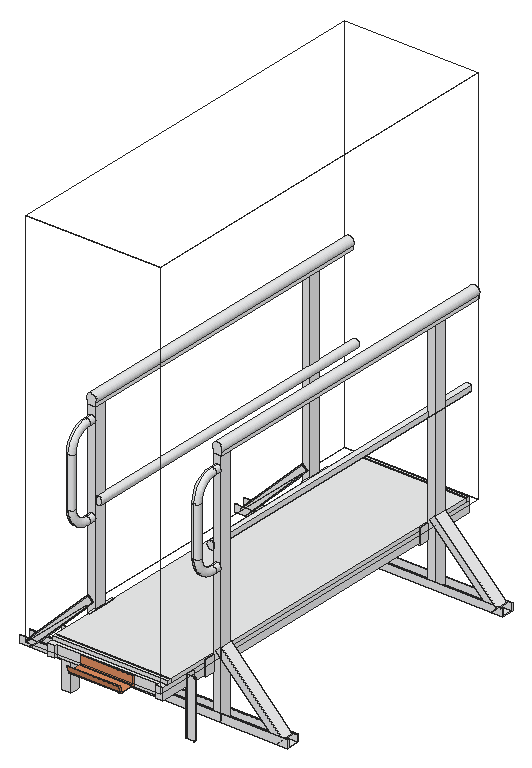
Revit family "Dock_Ladder_Kattsafe_Gutter", category Specialty Equipment, Revit 2025
Family settings
  Round Connector Dimension = Use Diameter
  Part Type = Normal
  OmniClass Number = 23.17.23.15
  Work Plane-Based = Yes
  Enable Cutting in Views = No
  Always vertical = Yes
  Cut with Voids When Loaded = No
  Maintain Annotation Orientation = No
  Shared = No
  Room Calculation Point = No
Parameters (values of type "RL453")
  Uniclass2015Version = "Products v1.35"
  Uniclass2015Title = "Access ladders"
  Uniclass2015Code = "Pr_25_30_85_02"
  URL = "https://kattsafe.com.au/"
  Type IFC Predefined Type = "USERDEFINED"
  Type Comments = "Dock - Gutter - Ladder"
  RequiredSpace [instance] = yes
  ModifiedIssue = 20250224
  Model = "RL453"
  Material [instance] = Aluminum_Kattsafe_Satin
  ManufacturerURLProductSpecific = "https://kattsafe.com.au/products/rung-ladders/ladder-docks/ladder-dock-gutter-mount-RL453"
  ManufacturerSpecCode = Model  # "RL453"
  ManufacturerOverallWidth = 1400 mm
  ManufacturerOverallHeight [instance] = 1300 mm
  ManufacturerOverallDepth = 2080 mm  # constant formula
  Manufacturer = "Kattsafe®"  # constant formula
  IfcExportType = "USERDEFINED"
  IfcExportAs = "IfcBuildingElementProxy"
  Export Type to IFC As = "IfcBuildingElementProxy"
  ElementType = "Ladder"
  Description = "The RL453 - gutter mount - ladder dock provides a secure attachment point for portable ladders used by maintenance personnel when accessing elevated areas."
  Default Elevation = 1219.2 mm
  CreatedByURL = "https://igsgroup.com.au"
  CreatedBy = "IGS BIM Solutions"  # constant formula
  Assembly Code = "E1090100"
Reference planes
  plane 1 "Ref. Level": z = 0
  plane 2 "Center (Left/Right)": x = 0
  plane 3 "Back": y = 2178.5
  plane 4 "Right": x = 700
  plane 5 "Left": x = -700
  plane 6 "Bottom": z = 0
  plane 7 "Top": z = 1300
  plane 8 "MidRailTop": z = 828
  plane 9 "PlatformTop": z = 300
  plane 10 "PlatformRight": x = 300
  plane 11 "PlatformLeft": x = -300
  plane 12 "FrontSupport": y = 528.5
  plane 13 "BackSupport": y = 1928.5
  plane 14 "PlatformHandrailSupportTop": z = 1243
  plane 15 "PlatformSupportTop": z = 281.5
  plane 16 "PlatformRightInternal": x = 262
  plane 17 "PlatformLeftInternal": x = -262
  plane 18 "MidRailBottom": z = 788
  plane 19 "PlatformHandrailSupportTopRef": z = 1243
  plane 20 "FrontReference": y = 98.5
  plane 21 "Front": y = 98.5
  plane 22 "WallPlacement": y = 328.5
  plane 23 "GrabrailLeftCentre": x = -328.5
  plane 24 "GrabrailRightCentre": x = 328.5
  plane 25 "Center (Front/Back)": y = 1138.5
  plane 26 "RequiredSpaceLeft": x = -350.5
  plane 27 "RequiredSpaceRight": x = 350.5
Forms (mm)
  Extrusion 1, solid, material "Aluminum_Kattsafe_Mesh_Walkway"
    sketch origin (0, 0, 300) x (0, -1, 0) y (1, 0, 0)
      loop
        line (-2160, -300) -> (-230, -300) -> (-230, 300) -> (-2160, 300) -> (-2160, -300)
    from 0 to -18.5
  Extrusion 2, solid, material "Aluminum_Kattsafe_Satin" <- "Material", detail levels medium+fine
    sketch origin (0, 0, 0) x (0, 1, 0) y (0, 0, 1)
      loop
        line (1149.5, 243.5) -> (1207.5, 243.5) -> (1207.5, 281.5) -> (1149.5, 281.5) -> (1149.5, 243.5)
    from -262 to 262
  Extrusion 3, solid, material "Aluminum_Kattsafe_Satin" <- "Material", detail levels medium+fine
    sketch origin (0, 0, 0) x (0, 1, 0) y (0, 0, 1)
      loop
        line (1631.5, 243.5) -> (1689.5, 243.5) -> (1689.5, 281.5) -> (1631.5, 281.5) -> (1631.5, 243.5)
    from -262 to 262
  Extrusion 4, solid, material "Aluminum_Kattsafe_Satin" <- "Material"
    sketch origin (-9.5, 1452.607, -316.555) x (0, 1, 0) y (-1, 0, 0)
      loop
        line (-895.107, 338) -> (-953.107, 338) -> (-953.107, 300) -> (-895.107, 300) -> (-895.107, 338)
    from 1559.555 to 319.555
  Extrusion 5, solid, material "Aluminum_Kattsafe_Satin" <- "Material"
    sketch origin (-9.5, 2991.107, -316.555) x (0, 1, 0) y (-1, 0, 0)
      loop
        line (-1033.607, 338) -> (-1091.607, 338) -> (-1091.607, 300) -> (-1033.607, 300) -> (-1033.607, 338)
    from 1559.555 to 319.555
  Extrusion 6, solid, material "Aluminum_Kattsafe_Satin" <- "Material"
    sketch origin (9.5, 2991.107, -316.555) x (0, 1, 0) y (-1, 0, 0)
      loop
        line (-1033.607, -300) -> (-1091.607, -300) -> (-1091.607, -338) -> (-1033.607, -338) -> (-1033.607, -300)
    from 1559.555 to 319.555
  Extrusion 7, solid, material "Aluminum_Kattsafe_Satin" <- "Material"
    sketch origin (9.5, 1452.607, -316.555) x (0, 1, 0) y (-1, 0, 0)
      loop
        line (-895.107, -300) -> (-953.107, -300) -> (-953.107, -338) -> (-895.107, -338) -> (-895.107, -300)
    from 1559.555 to 319.555
  Extrusion 8, solid, material "Aluminum_Kattsafe_Satin" <- "Material", detail levels medium+fine
    sketch origin (-300, 0, 0) x (0, 1, 0) y (0, 0, 1)
      loop
        line (608.5, 300) -> (448.5, 300) -> (448.5, 220) -> (608.5, 220) -> (608.5, 300)
    from 0 to -9.5
  Extrusion 9, solid, material "Aluminum_Kattsafe_Satin" <- "Material", detail levels medium+fine
    sketch origin (-300, 0, 0) x (0, 1, 0) y (0, 0, 1)
      loop
        line (2008.5, 300) -> (1848.5, 300) -> (1848.5, 220) -> (2008.5, 220) -> (2008.5, 300)
    from 0 to -9.5
  Extrusion 10, solid, material "Aluminum_Kattsafe_Satin" <- "Material", detail levels medium+fine
    sketch origin (300, 0, 0) x (0, 1, 0) y (0, 0, -1)
      loop
        line (608.5, -300) -> (608.5, -220) -> (448.5, -220) -> (448.5, -300) -> (608.5, -300)
    from 0 to -9.5
  Extrusion 11, solid, material "Aluminum_Kattsafe_Satin" <- "Material", detail levels medium+fine
    sketch origin (300, 0, 0) x (0, 1, 0) y (0, 0, -1)
      loop
        line (2008.5, -300) -> (2008.5, -220) -> (1848.5, -220) -> (1848.5, -300) -> (2008.5, -300)
    from 0 to -9.5
  Sweep 12, solid, material "Aluminum_Kattsafe_Satin" <- "Material"
    path in 3D
      loop
        line (-347.5, 1928.5, 350.5) -> (-670, 1928.5, 28)
    profile origin (-508.75, 1928.5, 189.25) x (0.707107, 0, -0.707107) y (0, -1, 0)
      loop
        line (3, -29) -> (3, 29) -> (38, 29) -> (38, 32) -> (0, 32) -> (0, -32) -> (38, -32) -> (38, -29) -> (3, -29)
  Sweep 13, solid, material "Aluminum_Kattsafe_Satin" <- "Material"
    path in 3D
      loop
        line (347.5, 1928.5, 350.5) -> (670, 1928.5, 28)
    profile origin (508.75, 1928.5, 189.25) x (0.707107, 0, 0.707107) y (0, -1, 0)
      loop
        line (-3, -29) -> (-38, -29) -> (-38, -32) -> (0, -32) -> (0, 32) -> (-38, 32) -> (-38, 29) -> (-3, 29) -> (-3, -29)
  Sweep 14, solid, material "Aluminum_Kattsafe_Satin" <- "Material"
    path in 3D
      loop
        line (-347.5, 528.5, 350.5) -> (-670, 528.5, 28)
    profile origin (-508.75, 528.5, 189.25) x (0.707107, 0, -0.707107) y (0, -1, 0)
      loop
        line (3, -29) -> (3, 29) -> (38, 29) -> (38, 32) -> (0, 32) -> (0, -32) -> (38, -32) -> (38, -29) -> (3, -29)
  Sweep 15, solid, material "Aluminum_Kattsafe_Satin" <- "Material"
    path in 3D
      loop
        line (347.5, 528.5, 350.5) -> (670, 528.5, 28)
    profile origin (508.75, 528.5, 189.25) x (0.707107, 0, 0.707107) y (0, -1, 0)
      loop
        line (-3, -29) -> (-38, -29) -> (-38, -32) -> (0, -32) -> (0, 32) -> (-38, 32) -> (-38, 29) -> (-3, 29) -> (-3, -29)
  Extrusion 16, solid, material "Aluminum_Kattsafe_Satin" <- "Material"
    sketch origin (0, 0, 0) x (0, 1, 0) y (0, 0, 1)
      loop
        line (1958, 38) -> (1958, 3) -> (1899, 3) -> (1899, 38) -> (1896, 38) -> (1896, 0) -> (1961, 0) -> (1961, 38) -> (1958, 38)
    from -700 to 700
  Extrusion 17, solid, material "Aluminum_Kattsafe_Satin" <- "Material"
    sketch origin (0, 0, 0) x (0, 1, 0) y (0, 0, 1)
      loop
        line (561, 38) -> (558, 38) -> (558, 3) -> (499, 3) -> (499, 38) -> (496, 38) -> (496, 0) -> (561, 0) -> (561, 38)
    from -700 to 700
  Extrusion 18, solid, material "Aluminum_Kattsafe_Satin" <- "Material"
    sketch origin (0, 1178.5, 0) x (1, 0, 0) y (0, 0, 1)
      loop
        arc (-309.5, 794.75) -> (-274.519, 808) -> (-309.5, 821.25) r 20
        line (-309.5, 821.25) -> (-309.5, 794.75)
    from -1000 to 679
  Extrusion 19, solid, material "Aluminum_Kattsafe_Satin" <- "Material"
    sketch origin (0, 1178.5, 0) x (-1, 0, 0) y (0, 0, -1)
      loop
        line (-309.5, -794.75) -> (-309.5, -821.25)
        arc (-309.5, -821.25) -> (-274.519, -808) -> (-309.5, -794.75) r 20
    from -1000 to 679
  Extrusion 20, solid, material "Aluminum_Kattsafe_Satin" <- "Material"
    sketch origin (0, 1178.5, 0) x (-1, 0, 0) y (0, 0, -1)
      loop
        line (-307.5, -1261.435) -> (-307.5, -1243) -> (-349.5, -1243) -> (-349.5, -1261.435)
        arc (-349.5, -1261.435) -> (-328.5, -1300) -> (-307.5, -1261.435) r 25
    from -1000 to 680
  Extrusion 21, solid, material "Aluminum_Kattsafe_Satin" <- "Material"
    sketch origin (0, 1178.5, 0) x (1, 0, 0) y (0, 0, 1)
      loop
        arc (-307.5, 1261.435) -> (-328.5, 1300) -> (-349.5, 1261.435) r 25
        line (-349.5, 1261.435) -> (-349.5, 1243) -> (-307.5, 1243) -> (-307.5, 1261.435)
    from -1000 to 680
  Extrusion 22, solid, material "Aluminum_Kattsafe_Satin"
    sketch origin (0, 0, 281.5) x (0, -1, 0) y (1, 0, 0)
      loop
        line (-2178.5, -300) -> (-176.5, -300) -> (-176.5, -262) -> (-189.5, -262) -> (-189.5, 262) -> (-176.5, 262) -> (-176.5, 300) -> (-2178.5, 300) -> (-2178.5, -300)
      loop
        line (-2140.5, -262) -> (-227.5, -262) -> (-227.5, 262) -> (-2140.5, 262) -> (-2140.5, -262)
    from 0 to -57.262
  Sweep 23, solid, material "Aluminum_Kattsafe_Satin" <- "Material"
    path origin (-328.5, 0, 0) x (0, 1, 0) y (0, 0, 1)
      loop
        line (499.5, 1179) -> (464.5, 1179)
        arc (464.5, 1179) -> (393.789, 1149.711) -> (364.5, 1079) r 100
        line (364.5, 1079) -> (364.5, 819)
        arc (364.5, 819) -> (393.789, 748.289) -> (464.5, 719) r 100
        line (464.5, 719) -> (499.5, 719)
    profile origin (-328.5, 482, 1179) x (0, 0, -1) y (1, 0, 0)
      loop
        circle (0, 0) r 19
  Sweep 24, solid, material "Aluminum_Kattsafe_Satin" <- "Material"
    path origin (328.5, 0, 0) x (0, 1, 0) y (0, 0, 1)
      loop
        line (499.5, 1179) -> (464.5, 1179)
        arc (464.5, 1179) -> (393.789, 1149.711) -> (364.5, 1079) r 100
        line (364.5, 1079) -> (364.5, 819)
        arc (364.5, 819) -> (393.789, 748.289) -> (464.5, 719) r 100
        line (464.5, 719) -> (499.5, 719)
    profile origin (328.5, 482, 1179) x (0, 0, 1) y (-1, 0, 0)
      loop
        circle (0, 0) r 19
  Extrusion 25, solid, material "Aluminum_Kattsafe_Satin" <- "Material", detail levels medium+fine
    sketch origin (300, 0, 0) x (0, 1, 0) y (0, 0, -1)
      loop
        line (328.5, 20.019) -> (328.5, -279.981) -> (368.5, -279.981)
        arc (368.5, -279.981) -> (375.571, -277.052) -> (378.5, -269.981) r 10
        line (378.5, -269.981) -> (378.5, 10.019)
        arc (378.5, 10.019) -> (375.571, 17.09) -> (368.5, 20.019) r 10
        line (368.5, 20.019) -> (328.5, 20.019)
    from 0 to -3
  Extrusion 26, solid, material "Aluminum_Kattsafe_Satin" <- "Material", detail levels medium+fine
    sketch origin (0, 328.5, 0) x (1, 0, 0) y (0, 0, 1)
      loop
        line (300, -20.019) -> (340, -20.019)
        arc (340, -20.019) -> (347.071, -17.09) -> (350, -10.019) r 10
        line (350, -10.019) -> (350, 269.981)
        arc (350, 269.981) -> (347.071, 277.052) -> (340, 279.981) r 10
        line (340, 279.981) -> (300, 279.981) -> (300, -20.019)
    from 0 to -3
  Extrusion 27, solid, material "Steel_PowderCoat_Kattsafe_Orange", detail levels medium+fine
    sketch origin (0, 0, 0) x (0, 1, 0) y (0, 0, 1)
      loop
        line (187.5, 278.6) -> (187.5, 233.5)
        arc (187.5, 233.5) -> (186.914, 232.086) -> (185.5, 231.5) r 2
        line (185.5, 231.5) -> (112.451, 231.5)
        arc (112.451, 231.5) -> (111.304, 231.862) -> (110.571, 232.816) r 2
        line (110.571, 232.816) -> (97.575, 268.523) -> (95.696, 267.839) -> (108.692, 232.132)
        arc (108.692, 232.132) -> (110.157, 230.223) -> (112.451, 229.5) r 4
        line (112.451, 229.5) -> (185.5, 229.5)
        arc (185.5, 229.5) -> (188.328, 230.672) -> (189.5, 233.5) r 4
        line (189.5, 233.5) -> (189.5, 278.6) -> (187.5, 278.6)
    from -137.5 to 137.5
  Extrusion 28, solid, material "Aluminum_Kattsafe_Satin" <- "Material", detail levels medium+fine
    sketch origin (-300, 0, 0) x (0, 1, 0) y (0, 0, 1)
      loop
        line (328.5, -20.019) -> (368.5, -20.019)
        arc (368.5, -20.019) -> (375.571, -17.09) -> (378.5, -10.019) r 10
        line (378.5, -10.019) -> (378.5, 269.981)
        arc (378.5, 269.981) -> (375.571, 277.052) -> (368.5, 279.981) r 10
        line (368.5, 279.981) -> (328.5, 279.981) -> (328.5, -20.019)
    from 0 to -3
  Extrusion 29, solid, material "Aluminum_Kattsafe_Satin" <- "Material", detail levels medium+fine
    sketch origin (0, 328.5, 0) x (-1, 0, 0) y (0, 0, -1)
      loop
        line (300, 20.019) -> (300, -279.981) -> (340, -279.981)
        arc (340, -279.981) -> (347.071, -277.052) -> (350, -269.981) r 10
        line (350, -269.981) -> (350, 10.019)
        arc (350, 10.019) -> (347.071, 17.09) -> (340, 20.019) r 10
        line (340, 20.019) -> (300, 20.019)
    from 0 to -3
  Extrusion 30, solid, material "Aluminum_Kattsafe_Satin" <- "Material"
    sketch origin (0, -2, 0) x (0, 1, 0) y (0, 0, 1)
      loop
        line (232, 300) -> (213.5, 300) -> (213.5, 281.5) -> (232, 281.5) -> (232, 300)
      loop
        line (2180.5, 300) -> (2162, 300) -> (2162, 281.5) -> (2180.5, 281.5) -> (2180.5, 300)
    from -300 to 300
  Extrusion 31, solid, material "Aluminum_Kattsafe_Satin" <- "Material", detail levels medium+fine
    sketch origin (0, 2357, 0) x (0, -1, 0) y (0, 0, -1)
      loop
        line (1631.5, -243.5) -> (1631.5, -281.5) -> (1689.5, -281.5) -> (1689.5, -243.5) -> (1631.5, -243.5)
    from -262 to 262
  Extrusion 32, solid, material "RequiredSpace_Kattsafe", visible <- "RequiredSpace"
    sketch origin (0, 0, 0) x (0, 1, 0) y (0, 0, 1)
      loop
        line (98.5, 300) -> (2178.5, 300) -> (2178.5, 2300) -> (98.5, 2300) -> (98.5, 300)
    from -350.5 to 350.5
Cuts and joins
  joined: Extrusion 25, Extrusion 26
  joined: Extrusion 28, Extrusion 29
Lines and regions (mm)
  Masking region 1
    outline origin (0, 0, 281.5) x (0, -1, 0) y (1, 0, 0)
      loop
        line (-498.5, -347.5) -> (-364.5, -347.5)
        arc (-364.5, -347.5) -> (-345.5, -328.5) -> (-364.5, -309.5) r 19
        line (-364.5, -309.5) -> (-498.5, -309.5) -> (-498.5, -347.5)
  Masking region 2
    outline origin (0, 0, 281.5) x (0, 1, 0) y (-1, 0, 0)
      loop
        line (498.5, -347.5) -> (498.5, -309.5) -> (364.5, -309.5)
        arc (364.5, -309.5) -> (345.5, -328.5) -> (364.5, -347.5) r 19
        line (364.5, -347.5) -> (498.5, -347.5)
  Masking region 3
    outline origin (0, 0, 281.5) x (0, -1, 0) y (1, 0, 0)
      loop
        line (-189.5, -137.5) -> (-95.696, -137.5) -> (-95.696, 137.5) -> (-189.5, 137.5) -> (-189.5, -137.5)
  Masking region 4
    outline origin (0, 0, 281.5) x (0, -1, 0) y (1, 0, 0)
      loop
        line (-2178.5, -353.5) -> (-1961, -353.5) -> (-1961, -700) -> (-1896, -700) -> (-1896, -353.5) -> (-561, -353.5) -> (-561, -700) -> (-496, -700) -> (-496, -347.5) -> (-364.5, -347.5)
        arc (-364.5, -347.5) -> (-345.5, -328.5) -> (-364.5, -309.5) r 19
        line (-364.5, -309.5) -> (-448.5, -309.5) -> (-448.5, -300) -> (-176.5, -300) -> (-176.5, -262) -> (-189.5, -262) -> (-189.5, -137.5) -> (-98.5, -137.5) -> (-98.5, 137.5) -> (-189.5, 137.5) -> (-189.5, 262) -> (-176.5, 262) -> (-176.5, 300) -> (-448.5, 300) -> (-448.5, 309.5) -> (-364.5, 309.5)
        arc (-364.5, 309.5) -> (-345.5, 328.5) -> (-364.5, 347.5) r 19
        line (-364.5, 347.5) -> (-496, 347.5) -> (-496, 700) -> (-561, 700) -> (-561, 353.5) -> (-1896, 353.5) -> (-1896, 700) -> (-1961, 700) -> (-1961, 353.5) -> (-2178.5, 353.5) -> (-2178.5, -353.5)
  reference lines
    curve 1: line (-347.5, 1928.5, 350.5) -> (-670, 1928.5, 28)
    curve 2: line (347.5, 1928.5, 350.5) -> (670, 1928.5, 28)
    curve 3: line (-347.5, 528.5, 350.5) -> (-670, 528.5, 28)
    curve 4: line (347.5, 528.5, 350.5) -> (670, 528.5, 28)
  sketch lines
    curve 5: line (347.5, 1928.5, 350.5) -> (670, 1928.5, 28)
    curve 6: line (-347.5, 1928.5, 350.5) -> (-670, 1928.5, 28)
    curve 7: line (347.5, 528.5, 350.5) -> (670, 528.5, 28)
    curve 8: line (-347.5, 528.5, 350.5) -> (-670, 528.5, 28)
  symbolic lines, style "Required Space", visible <- "RequiredSpace"
    curve 9: line (0, 2178.5, 2300) -> (0, 98.5, 2300)
    curve 10: line (0, 98.5, 300) -> (0, 2178.5, 300)
    curve 11: line (0, 98.5, 2300) -> (0, 98.5, 300)
    curve 12: line (0, 2178.5, 2300) -> (0, 2178.5, 300)
    curve 13: line (-350.5, 2178.5, 281.5) -> (350.5, 2178.5, 281.5)
    curve 14: line (-350.5, 98.5, 281.5) -> (-350.5, 2178.5, 281.5)
    curve 15: line (350.5, 98.5, 281.5) -> (-350.5, 98.5, 281.5)
    curve 16: line (350.5, 2178.5, 281.5) -> (350.5, 98.5, 281.5)
  symbolic lines, style "Ladder", detail levels medium+fine
    curve 17: line (-303.5, 2178.5, 281.5) -> (-303.5, 498.5, 281.5)
    curve 18: line (-303.5, 498.5, 281.5) -> (-353.5, 498.5, 281.5)
    curve 19: line (-303.5, 499.5, 281.5) -> (-274.519, 499.5, 281.5)
    curve 20: line (-274.519, 499.5, 281.5) -> (-274.519, 2178.5, 281.5)
    curve 21: line (-274.519, 2160, 281.5) -> (274.519, 2160, 281.5)
    curve 22: line (303.5, 2178.5, 281.5) -> (303.5, 498.5, 281.5)
    curve 23: line (274.519, 499.5, 281.5) -> (274.519, 2178.5, 281.5)
    curve 24: line (-300, 230, 281.5) -> (300, 230, 281.5)
    curve 25: line (300, 211.5, 281.5) -> (-300, 211.5, 281.5)
    curve 26: line (137.5, 189.5, 281.5) -> (-137.5, 189.5, 281.5)
    curve 27: line (-309.5, 448.5, 281.5) -> (-309.5, 498.5, 281.5)
    curve 28: line (-300, 448.5, 281.5) -> (-300, 499.5, 281.5)
    curve 29: line (-347.5, 498.5, 281.5) -> (-347.5, 496.5, 281.5)
    curve 30: line (303.5, 498.5, 281.5) -> (353.5, 498.5, 281.5)
    curve 31: line (303.5, 499.5, 281.5) -> (274.519, 499.5, 281.5)
    curve 32: line (347.5, 498.5, 281.5) -> (347.5, 496.5, 281.5)
    curve 33: line (309.5, 448.5, 281.5) -> (309.5, 498.5, 281.5)
    curve 34: line (-353.5, 561, 281.5) -> (-353.5, 498.5, 281.5)
    curve 35: line (353.5, 561, 281.5) -> (353.5, 498.5, 281.5)
    curve 36: line (-353.5, 1896, 281.5) -> (-353.5, 1961, 281.5)
    curve 37: line (353.5, 1896, 281.5) -> (353.5, 1961, 281.5)
Text (mm)
  text "Disclaimer:\nDue to ongoing product development and manufacturing \nevolution, product details are subject to change without \nnotice. Please refer to product technical data sheets on \nthe manufacturers website for the most current product \ninformation. Please allow a +/- 5mm manufacturing \ntolerance for dimensions and set-outs shown in product \nliterature." at (985.527, 1337.728, 0), in view "Ref. Level"
Dimensions and locks
  equal spacing: plane 5 "Left", plane 2 "Center (Left/Right)", plane 4 "Right"
  "ManufacturerOverallWidth": plane 5 "Left" to plane 4 "Right"
  plane 5 "Left" to plane 11 "PlatformLeft" = 400 mm
  plane 10 "PlatformRight" to plane 4 "Right" = 400 mm
  locked: plane 7 "Top" to plane 14 "PlatformHandrailSupportTop" at 57
  plane 7 "Top" to plane 9 "PlatformTop" = 1000 mm
  plane 9 "PlatformTop" to plane 6 "Bottom" = 300 mm
  locked: plane 9 "PlatformTop" to plane 15 "PlatformSupportTop" at 18.5
  locked: plane 11 "PlatformLeft" to plane 17 "PlatformLeftInternal" at 38
  locked: plane 16 "PlatformRightInternal" to plane 10 "PlatformRight" at 38
  locked: plane 8 "MidRailTop" to plane 18 "MidRailBottom" at 40
  plane 11 "PlatformLeft" to plane 10 "PlatformRight" = 600 mm
  plane 19 "PlatformHandrailSupportTopRef" to plane 9 "PlatformTop" = 943 mm
  locked: plane 7 "Top" to plane 8 "MidRailTop" at 472
  locked: plane 3 "Back" to plane 13 "BackSupport" at 250
  equal spacing: plane 21 "Front", plane 25 "Center (Front/Back)", plane 3 "Back"
  "ManufacturerOverallDepth": plane 21 "Front" to plane 3 "Back"
  locked: plane 12 "FrontSupport" to plane 22 "WallPlacement" at 200
  locked: plane 6 "Bottom" to curve 3 (angle 45.00°)
  locked: curve 4 to plane 1 "Ref. Level" (angle 45.00°)
  locked: curve 2 to plane 1 "Ref. Level" (angle 45.00°)
  locked: plane 6 "Bottom" to curve 1 (angle 45.00°)
  aligned and locked: level to plane 1 "Ref. Level"
  aligned and locked: Extrusion 1 to plane 10 "PlatformRight"
  aligned and locked: Extrusion 1 to plane 11 "PlatformLeft"
  aligned and locked: plane 4 "Right" to Extrusion 16
  aligned and locked: Extrusion 16 to plane 5 "Left"
  aligned and locked: plane 4 "Right" to Extrusion 17
  aligned and locked: Extrusion 17 to plane 5 "Left"
  aligned and locked: Extrusion 18 to plane 3 "Back"
  aligned and locked: Extrusion 19 to plane 3 "Back"
  aligned and locked: Extrusion 20 to plane 3 "Back"
  aligned and locked: Extrusion 2 to plane 17 "PlatformLeftInternal"
  aligned and locked: Extrusion 3 to plane 17 "PlatformLeftInternal"
  aligned and locked: Extrusion 2 to plane 16 "PlatformRightInternal"
  aligned and locked: Extrusion 3 to plane 16 "PlatformRightInternal"
  aligned and locked: Extrusion 21 to plane 3 "Back"
  aligned and locked: Extrusion 7 to plane 19 "PlatformHandrailSupportTopRef"
  aligned and locked: Extrusion 6 to plane 19 "PlatformHandrailSupportTopRef"
  aligned and locked: Extrusion 4 to plane 19 "PlatformHandrailSupportTopRef"
  aligned and locked: Extrusion 5 to plane 19 "PlatformHandrailSupportTopRef"
  aligned and locked: plane 21 "Front" to plane 20 "FrontReference"
  aligned and locked: Extrusion 21 to Masking region 1 sketch curve
  aligned and locked: Extrusion 32 to plane 26 "RequiredSpaceLeft"
  aligned and locked: plane 9 "PlatformTop" to Extrusion 32 sketch curve
  aligned and locked: plane 3 "Back" to Extrusion 32 sketch curve
  aligned and locked: plane 21 "Front" to Extrusion 32 sketch curve
  aligned and locked: curve 9 to Extrusion 32
  aligned and locked: plane 9 "PlatformTop" to curve 10
  aligned and locked: plane 21 "Front" to curve 11
  aligned and locked: plane 3 "Back" to curve 12
  aligned and locked: Extrusion 32 to plane 27 "RequiredSpaceRight"
  aligned and locked: plane 26 "RequiredSpaceLeft" to Extrusion 32
  aligned and locked: curve 13 to Extrusion 32
  aligned and locked: curve 14 to Extrusion 32
  aligned and locked: curve 15 to Extrusion 32
  aligned and locked: curve 16 to Extrusion 32
  aligned and locked: plane 21 "Front" to Masking region 4 sketch curve
Automatic sketch dimensions
  plane 15 "PlatformSupportTop" to Extrusion 2 sketch curve = 0 mm
  plane 15 "PlatformSupportTop" to Extrusion 2 sketch curve = 38 mm
  plane 15 "PlatformSupportTop" to Extrusion 3 sketch curve = 0 mm
  plane 13 "BackSupport" to Extrusion 3 sketch curve = 297 mm
  Extrusion 3 sketch curve to Extrusion 3 sketch curve = 58 mm
  Extrusion 3 sketch curve to Extrusion 3 sketch curve = 38 mm
  plane 9 "PlatformTop" to Extrusion 8 sketch curve = 0 mm
  plane 12 "FrontSupport" to Extrusion 8 sketch curve = 80 mm
  Extrusion 8 sketch curve to plane 12 "FrontSupport" = 80 mm
  plane 15 "PlatformSupportTop" to Extrusion 8 sketch curve = 61.5 mm
  plane 9 "PlatformTop" to Extrusion 9 sketch curve = 0 mm
  plane 13 "BackSupport" to Extrusion 9 sketch curve = 80 mm
  Extrusion 9 sketch curve to plane 13 "BackSupport" = 80 mm
  plane 15 "PlatformSupportTop" to Extrusion 9 sketch curve = 61.5 mm
  plane 9 "PlatformTop" to Extrusion 10 sketch curve = 0 mm
  Extrusion 10 sketch curve to plane 12 "FrontSupport" = 80 mm
  plane 12 "FrontSupport" to Extrusion 10 sketch curve = 80 mm
  Extrusion 10 sketch curve to plane 15 "PlatformSupportTop" = 61.5 mm
  plane 9 "PlatformTop" to Extrusion 11 sketch curve = 0 mm
  Extrusion 11 sketch curve to plane 13 "BackSupport" = 80 mm
  plane 13 "BackSupport" to Extrusion 11 sketch curve = 80 mm
  Extrusion 11 sketch curve to plane 15 "PlatformSupportTop" = 61.5 mm
  Sweep 12 sketch curve to profile plane = 0 mm
  Sweep 12 sketch curve to profile plane = 3 mm
  Sweep 12 sketch curve to Sweep 12 sketch curve = 35 mm  (x2)
  Sweep 12 sketch curve to profile plane = 32 mm
  Sweep 12 sketch curve to Sweep 12 sketch curve = 3 mm  (x2)
  profile plane to Sweep 12 sketch curve = 29 mm
  Sweep 13 sketch curve to profile plane = 0 mm
  profile plane to Sweep 13 sketch curve = 3 mm
  Sweep 13 sketch curve to Sweep 13 sketch curve = 35 mm  (x2)
  Sweep 13 sketch curve to profile plane = 32 mm
  Sweep 13 sketch curve to Sweep 13 sketch curve = 3 mm  (x2)
  profile plane to Sweep 13 sketch curve = 29 mm
  Sweep 14 sketch curve to profile plane = 0 mm
  Sweep 14 sketch curve to profile plane = 3 mm
  Sweep 14 sketch curve to Sweep 14 sketch curve = 35 mm  (x2)
  Sweep 14 sketch curve to profile plane = 32 mm
  Sweep 14 sketch curve to Sweep 14 sketch curve = 3 mm  (x2)
  profile plane to Sweep 14 sketch curve = 29 mm
  Sweep 15 sketch curve to profile plane = 0 mm
  profile plane to Sweep 15 sketch curve = 3 mm
  Sweep 15 sketch curve to Sweep 15 sketch curve = 35 mm  (x2)
  Sweep 15 sketch curve to profile plane = 32 mm
  Sweep 15 sketch curve to Sweep 15 sketch curve = 3 mm  (x2)
  profile plane to Sweep 15 sketch curve = 29 mm
  level to Extrusion 16 sketch curve = 0 mm
  plane 13 "BackSupport" to Extrusion 16 sketch curve = 32.5 mm
  Extrusion 16 sketch curve to Extrusion 16 sketch curve = 3 mm  (x2)
  level to Extrusion 16 sketch curve = 3 mm
  Extrusion 16 sketch curve to plane 13 "BackSupport" = 29.5 mm
  Extrusion 16 sketch curve to Extrusion 16 sketch curve = 35 mm  (x2)
  Extrusion 17 sketch curve to level = 0 mm
  plane 12 "FrontSupport" to Extrusion 17 sketch curve = 32.5 mm
  Extrusion 17 sketch curve to Extrusion 17 sketch curve = 3 mm  (x2)
  level to Extrusion 17 sketch curve = 3 mm
  Extrusion 17 sketch curve to plane 12 "FrontSupport" = 29.5 mm
  Extrusion 17 sketch curve to Extrusion 17 sketch curve = 35 mm  (x2)
  plane 5 "Left" to curve 1 = 30 mm
  level to curve 1 = 28 mm
  curve 2 to plane 24 "GrabrailRightCentre" = 19 mm
  level to curve 2 = 28 mm
  plane 5 "Left" to curve 3 = 30 mm
  level to curve 3 = 28 mm
  curve 4 to plane 24 "GrabrailRightCentre" = 19 mm
  level to curve 4 = 28 mm
  plane 12 "FrontSupport" to Sweep 23 sketch curve = 64 mm  (x2)
  plane 12 "FrontSupport" to Sweep 23 sketch curve = 29 mm  (x2)
  Sweep 23 sketch curve to profile plane = 0 mm  (x2)
  Sweep 24 sketch curve to plane 12 "FrontSupport" = 64 mm  (x2)
  Sweep 24 sketch curve to plane 12 "FrontSupport" = 29 mm  (x2)
  plane 24 "GrabrailRightCentre" to Sweep 24 sketch curve = 0 mm
  Sweep 24 sketch curve to profile plane = 0 mm
  Extrusion 25 sketch curve to plane 22 "WallPlacement" = 0 mm
  Extrusion 25 sketch curve to plane 15 "PlatformSupportTop" = 1.519 mm
  Extrusion 25 sketch curve to Extrusion 25 sketch curve = 10 mm
  level to Extrusion 25 sketch curve = 10.019 mm
  Extrusion 28 sketch curve to plane 22 "WallPlacement" = 0 mm
  plane 15 "PlatformSupportTop" to Extrusion 28 sketch curve = 1.519 mm
  Extrusion 28 sketch curve to Extrusion 28 sketch curve = 10 mm
  Extrusion 28 sketch curve to level = 10.019 mm
  plane 15 "PlatformSupportTop" to Extrusion 31 sketch curve = 0 mm
  Extrusion 31 sketch curve to plane 12 "FrontSupport" = 197 mm
  Extrusion 31 sketch curve to Extrusion 31 sketch curve = 58 mm
  Extrusion 31 sketch curve to Extrusion 31 sketch curve = 38 mm
  Masking region 2 sketch curve to plane 24 "GrabrailRightCentre" = 0 mm
  plane 12 "FrontSupport" to Masking region 2 sketch curve = 30 mm
  Masking region 2 sketch curve to plane 24 "GrabrailRightCentre" = 19 mm
  Extrusion 2 sketch curve to plane 12 "FrontSupport" = 621 mm
  Extrusion 2 sketch curve to Extrusion 2 sketch curve = 58 mm
  plane 8 "MidRailTop" to Sweep 23 sketch curve = 9 mm
  Sweep 24 sketch curve to plane 8 "MidRailTop" = 9 mm
  plane 22 "WallPlacement" to Extrusion 25 sketch curve = 40 mm  (x2)
  Extrusion 28 sketch curve to plane 22 "WallPlacement" = 40 mm  (x2)
  Masking region 2 sketch curve to plane 22 "WallPlacement" = 36 mm
  Extrusion 27 sketch curve to Extrusion 27 sketch curve = 0 mm  (x4)
  plane 20 "FrontReference" to Extrusion 27 sketch curve = 2.804 mm
  plane 20 "FrontReference" to Extrusion 27 sketch curve = 0.925 mm
  Extrusion 27 sketch curve to plane 20 "FrontReference" = 10.192 mm
  Extrusion 27 sketch curve to Extrusion 27 sketch curve = 1.879 mm  (x2)
  Extrusion 27 sketch curve to Extrusion 27 sketch curve = 73.049 mm
  plane 15 "PlatformSupportTop" to Extrusion 27 sketch curve = 2.9 mm
  Extrusion 27 sketch curve to Extrusion 27 sketch curve = 2 mm  (x2)
  plane 15 "PlatformSupportTop" to Extrusion 27 sketch curve = 12.977 mm
  Extrusion 27 sketch curve to Extrusion 27 sketch curve = 45.1 mm
  Sweep 23 sketch curve to plane 22 "WallPlacement" = 36 mm
  plane 22 "WallPlacement" to Sweep 24 sketch curve = 36 mm
  plane 14 "PlatformHandrailSupportTop" to Sweep 23 sketch curve = 164 mm
  Sweep 24 sketch curve to plane 14 "PlatformHandrailSupportTop" = 164 mm
  curve 11 to plane 7 "Top" = 1000 mm
  Extrusion 1 sketch curve to plane 10 "PlatformRight" = 0 mm
  Extrusion 1 sketch curve to plane 11 "PlatformLeft" = 0 mm
  plane 3 "Back" to Extrusion 1 sketch curve = 18.5 mm
  plane 22 "WallPlacement" to Extrusion 1 sketch curve = 98.5 mm
  plane 26 "RequiredSpaceLeft" to Extrusion 4 sketch curve = 3 mm
  plane 12 "FrontSupport" to Extrusion 4 sketch curve = 29 mm
  Extrusion 4 sketch curve to plane 12 "FrontSupport" = 29 mm
  Extrusion 4 sketch curve to plane 11 "PlatformLeft" = 9.5 mm
  plane 26 "RequiredSpaceLeft" to Extrusion 5 sketch curve = 3 mm
  plane 13 "BackSupport" to Extrusion 5 sketch curve = 29 mm
  Extrusion 5 sketch curve to plane 13 "BackSupport" = 29 mm
  Extrusion 5 sketch curve to plane 11 "PlatformLeft" = 9.5 mm
  Extrusion 6 sketch curve to plane 10 "PlatformRight" = 9.5 mm
  plane 13 "BackSupport" to Extrusion 6 sketch curve = 29 mm
  Extrusion 6 sketch curve to plane 13 "BackSupport" = 29 mm
  plane 27 "RequiredSpaceRight" to Extrusion 6 sketch curve = 3 mm
  Extrusion 7 sketch curve to plane 10 "PlatformRight" = 9.5 mm
  plane 12 "FrontSupport" to Extrusion 7 sketch curve = 29 mm
  Extrusion 7 sketch curve to plane 12 "FrontSupport" = 29 mm
  plane 27 "RequiredSpaceRight" to Extrusion 7 sketch curve = 3 mm
  Extrusion 18 sketch curve to plane 11 "PlatformLeft" = 9.5 mm
  plane 11 "PlatformLeft" to Extrusion 18 sketch curve = 5.481 mm
  Extrusion 18 sketch curve to plane 18 "MidRailBottom" = 6.75 mm
  Extrusion 18 sketch curve to Extrusion 18 sketch curve = 13.25 mm
  Extrusion 19 sketch curve to plane 10 "PlatformRight" = 9.5 mm
  plane 10 "PlatformRight" to Extrusion 19 sketch curve = 5.481 mm
  plane 8 "MidRailTop" to Extrusion 19 sketch curve = 6.75 mm
  Extrusion 19 sketch curve to Extrusion 19 sketch curve = 13.25 mm
  Extrusion 20 sketch curve to plane 14 "PlatformHandrailSupportTop" = 0 mm
  plane 24 "GrabrailRightCentre" to Extrusion 20 sketch curve = 0 mm
  plane 27 "RequiredSpaceRight" to Extrusion 20 sketch curve = 1 mm
  Extrusion 20 sketch curve to plane 10 "PlatformRight" = 7.5 mm
  Extrusion 20 sketch curve to Extrusion 20 sketch curve = 18.435 mm
  Extrusion 20 sketch curve to Extrusion 20 sketch curve = 13.565 mm
  Extrusion 21 sketch curve to plane 14 "PlatformHandrailSupportTop" = 0 mm
  Extrusion 21 sketch curve to plane 23 "GrabrailLeftCentre" = 0 mm
  plane 26 "RequiredSpaceLeft" to Extrusion 21 sketch curve = 1 mm
  Extrusion 21 sketch curve to plane 11 "PlatformLeft" = 7.5 mm
  Extrusion 21 sketch curve to Extrusion 21 sketch curve = 18.435 mm
  Extrusion 21 sketch curve to Extrusion 21 sketch curve = 13.565 mm
  plane 3 "Back" to Extrusion 22 sketch curve = 0 mm
  Extrusion 22 sketch curve to plane 16 "PlatformRightInternal" = 0 mm  (x2)
  Extrusion 22 sketch curve to plane 17 "PlatformLeftInternal" = 0 mm  (x2)
  Extrusion 22 sketch curve to plane 11 "PlatformLeft" = 0 mm
  Extrusion 22 sketch curve to plane 10 "PlatformRight" = 0 mm
  plane 3 "Back" to Extrusion 22 sketch curve = 38 mm
  plane 22 "WallPlacement" to Extrusion 22 sketch curve = 101 mm
  Extrusion 22 sketch curve to Extrusion 22 sketch curve = 38 mm
  Extrusion 22 sketch curve to Extrusion 22 sketch curve = 13 mm  (x2)
  plane 10 "PlatformRight" to Extrusion 26 sketch curve = 0 mm
  plane 15 "PlatformSupportTop" to Extrusion 26 sketch curve = 1.519 mm
  plane 27 "RequiredSpaceRight" to Extrusion 26 sketch curve = 10.5 mm  (x2)
  plane 27 "RequiredSpaceRight" to Extrusion 26 sketch curve = 0.5 mm
  Extrusion 26 sketch curve to level = 10.019 mm
  Extrusion 29 sketch curve to plane 11 "PlatformLeft" = 0 mm
  plane 15 "PlatformSupportTop" to Extrusion 29 sketch curve = 1.519 mm
  plane 26 "RequiredSpaceLeft" to Extrusion 29 sketch curve = 10.5 mm  (x2)
  plane 26 "RequiredSpaceLeft" to Extrusion 29 sketch curve = 0.5 mm
  Extrusion 29 sketch curve to level = 10.019 mm
  plane 9 "PlatformTop" to Extrusion 30 sketch curve = 0 mm  (x2)
  plane 15 "PlatformSupportTop" to Extrusion 30 sketch curve = 0 mm  (x2)
  Extrusion 30 sketch curve to plane 3 "Back" = 0 mm
  plane 3 "Back" to Extrusion 30 sketch curve = 18.5 mm
  plane 22 "WallPlacement" to Extrusion 30 sketch curve = 98.5 mm
  Extrusion 30 sketch curve to Extrusion 30 sketch curve = 18.5 mm
  Masking region 1 sketch curve to plane 23 "GrabrailLeftCentre" = 0 mm
  plane 26 "RequiredSpaceLeft" to Masking region 1 sketch curve = 3 mm
  Masking region 1 sketch curve to plane 22 "WallPlacement" = 36 mm
  Extrusion 32 sketch curve to plane 7 "Top" = 1000 mm
  curve 28 to plane 11 "PlatformLeft" = 0 mm
  curve 24 to plane 11 "PlatformLeft" = 0 mm
  curve 24 to plane 10 "PlatformRight" = 0 mm
  curve 25 to plane 10 "PlatformRight" = 0 mm
  curve 25 to plane 11 "PlatformLeft" = 0 mm
  curve 20 to plane 17 "PlatformLeftInternal" = 12.519 mm
  plane 12 "FrontSupport" to curve 20 = 29 mm
  curve 31 to plane 16 "PlatformRightInternal" = 12.519 mm
  plane 12 "FrontSupport" to curve 31 = 29 mm
  curve 34 to plane 26 "RequiredSpaceLeft" = 3 mm
  plane 12 "FrontSupport" to curve 34 = 30 mm
  curve 35 to plane 27 "RequiredSpaceRight" = 3 mm
  plane 12 "FrontSupport" to curve 35 = 30 mm
  curve 18 to plane 11 "PlatformLeft" = 3.5 mm
  curve 30 to plane 10 "PlatformRight" = 3.5 mm
  plane 3 "Back" to curve 21 = 18.5 mm
  curve 36 to plane 26 "RequiredSpaceLeft" = 3 mm
  curve 36 to plane 13 "BackSupport" = 32.5 mm
  curve 37 to plane 27 "RequiredSpaceRight" = 3 mm
  curve 37 to plane 13 "BackSupport" = 32.5 mm
  plane 13 "BackSupport" to curve 36 = 32.5 mm
  plane 13 "BackSupport" to curve 37 = 32.5 mm
  curve 35 to plane 12 "FrontSupport" = 32.5 mm
  curve 34 to plane 12 "FrontSupport" = 32.5 mm
  curve 32 to curve 32 = 2 mm
  curve 29 to curve 29 = 2 mm
  curve 33 to plane 10 "PlatformRight" = 9.5 mm
  curve 33 to curve 33 = 50 mm
  curve 17 to curve 28 = 50 mm
  curve 27 to curve 28 = 0 mm
  plane 22 "WallPlacement" to curve 24 = 98.5 mm
  curve 24 to curve 25 = 18.5 mm
  curve 26 to plane 20 "FrontReference" = 91 mm
  plane 26 "RequiredSpaceLeft" to curve 29 = 3 mm
  curve 27 to curve 17 = 6 mm
  plane 17 "PlatformLeftInternal" to curve 26 = 124.5 mm
  plane 16 "PlatformRightInternal" to curve 26 = 124.5 mm
  plane 27 "RequiredSpaceRight" to curve 32 = 3 mm
  Masking region 3 sketch curve to plane 20 "FrontReference" = 91 mm
  plane 20 "FrontReference" to Masking region 3 sketch curve = 2.804 mm
  plane 17 "PlatformLeftInternal" to Masking region 3 sketch curve = 124.5 mm
  plane 16 "PlatformRightInternal" to Masking region 3 sketch curve = 124.5 mm
  plane 3 "Back" to Masking region 4 sketch curve = 0 mm
  Masking region 4 sketch curve to plane 5 "Left" = 0 mm  (x2)
  Masking region 4 sketch curve to plane 4 "Right" = 0 mm  (x2)
  Masking region 4 sketch curve to plane 10 "PlatformRight" = 0 mm
  Masking region 4 sketch curve to plane 11 "PlatformLeft" = 0 mm
  Masking region 4 sketch curve to plane 24 "GrabrailRightCentre" = 0 mm
  Masking region 4 sketch curve to plane 23 "GrabrailLeftCentre" = 0 mm
  Masking region 4 sketch curve to plane 17 "PlatformLeftInternal" = 0 mm
  Masking region 4 sketch curve to plane 16 "PlatformRightInternal" = 0 mm
  Masking region 4 sketch curve to plane 27 "RequiredSpaceRight" = 3 mm  (x2)
  Masking region 4 sketch curve to plane 13 "BackSupport" = 32.5 mm  (x2)
  plane 13 "BackSupport" to Masking region 4 sketch curve = 32.5 mm  (x2)
  Masking region 4 sketch curve to plane 12 "FrontSupport" = 32.5 mm  (x2)
  plane 26 "RequiredSpaceLeft" to Masking region 4 sketch curve = 3 mm
  plane 12 "FrontSupport" to Masking region 4 sketch curve = 32.5 mm  (x2)
  plane 27 "RequiredSpaceRight" to Masking region 4 sketch curve = 3 mm
  Masking region 4 sketch curve to Masking region 4 sketch curve = 47.5 mm  (x2)
  Masking region 4 sketch curve to plane 22 "WallPlacement" = 36 mm  (x2)
  Masking region 4 sketch curve to plane 20 "FrontReference" = 91 mm  (x2)
  Masking region 4 sketch curve to Masking region 4 sketch curve = 13 mm  (x2)
  Masking region 4 sketch curve to plane 26 "RequiredSpaceLeft" = 3 mm  (x2)
  Masking region 4 sketch curve to Masking region 4 sketch curve = 124.5 mm
  plane 16 "PlatformRightInternal" to Masking region 4 sketch curve = 124.5 mm
  radius of Sweep 23 sketch curve = 19 mm
  radius of Sweep 24 sketch curve = 19 mm
